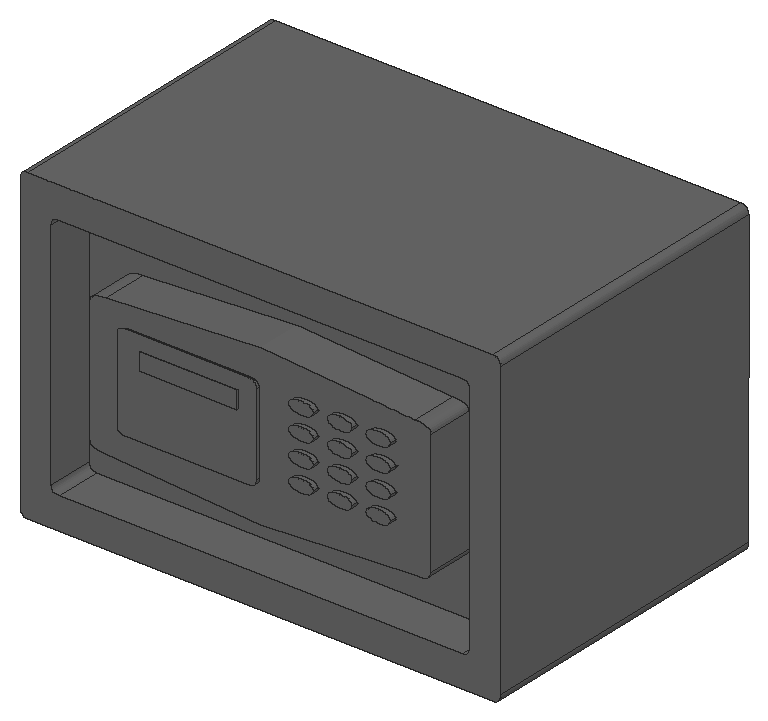
Revit family "DEHS0008", category Generic Models, Revit 2017
Family settings
  Can host rebar = No
  Round Connector Dimension = Use Diameter
  Part Type = Normal
  Work Plane-Based = No
  Always vertical = Yes
  Cut with Voids When Loaded = No
  Shared = No
  Room Calculation Point = No
Parameters
  Website = "https://dolphy.in/"  # constant formula
  Contact number = "+91 9520202035"  # constant formula
  Contact email = "info@dolphy.in"  # constant formula
  Company name = "Dolphy India"  # constant formula
Reference planes
  plane 1 "Center (Front/Back)": y = 0
  plane 2: z = 0
  plane 3 "Center (Left/Right)": x = 0
Forms (mm)
  Extrusion 1, solid, material "Cold Rolled steel"
    sketch origin (0, 0, 0) x (1, 0, 0) y (0, 0, 1)
      loop
        spline (-150, 200) -> (-150.799, 199.965) -> (-151.528, 199.861) -> (-152.187, 199.688) -> (-152.778, 199.444) -> (-153.299, 199.132) -> (-153.75, 198.75) -> (-154.132, 198.299) -> (-154.444, 197.778) -> (-154.688, 197.188) -> (-154.861, 196.528) -> (-154.965, 195.799) -> (-155, 195)
        line (-155, 195) -> (-155, 5)
        spline (-155, 5) -> (-154.965, 4.201) -> (-154.861, 3.472) -> (-154.688, 2.813) -> (-154.444, 2.222) -> (-154.132, 1.701) -> (-153.75, 1.25) -> (-153.299, 0.868) -> (-152.778, 0.556) -> (-152.188, 0.313) -> (-151.528, 0.139) -> (-150.799, 0.035) -> (-150, 0)
        line (-150, 0) -> (150, 0)
        spline (150, 0) -> (150.799, 0.035) -> (151.528, 0.139) -> (152.187, 0.313) -> (152.778, 0.556) -> (153.299, 0.868) -> (153.75, 1.25) -> (154.132, 1.701) -> (154.444, 2.222) -> (154.687, 2.813) -> (154.861, 3.472) -> (154.965, 4.201) -> (155, 5)
        line (155, 5) -> (155, 195)
        spline (155, 195) -> (154.965, 195.799) -> (154.861, 196.528) -> (154.688, 197.188) -> (154.444, 197.778) -> (154.132, 198.299) -> (153.75, 198.75) -> (153.299, 199.132) -> (152.778, 199.444) -> (152.188, 199.688) -> (151.528, 199.861) -> (150.799, 199.965) -> (150, 200)
        line (150, 200) -> (-150, 200)
    from 0 to 200
  Extrusion 2, void
    sketch origin (0, 0, 0) x (1, 0, 0) y (0, 0, 1)
      loop
        spline (-130, 180) -> (-130.799, 179.965) -> (-131.528, 179.861) -> (-132.188, 179.688) -> (-132.778, 179.444) -> (-133.299, 179.132) -> (-133.75, 178.75) -> (-134.132, 178.299) -> (-134.444, 177.778) -> (-134.688, 177.188) -> (-134.861, 176.528) -> (-134.965, 175.799) -> (-135, 175)
        line (-135, 175) -> (-135, 25)
        spline (-135, 25) -> (-134.965, 24.201) -> (-134.861, 23.472) -> (-134.688, 22.813) -> (-134.444, 22.222) -> (-134.132, 21.701) -> (-133.75, 21.25) -> (-133.299, 20.868) -> (-132.778, 20.556) -> (-132.188, 20.313) -> (-131.528, 20.139) -> (-130.799, 20.035) -> (-130, 20)
        line (-130, 20) -> (130, 20)
        spline (130, 20) -> (130.799, 20.035) -> (131.528, 20.139) -> (132.187, 20.313) -> (132.778, 20.556) -> (133.299, 20.868) -> (133.75, 21.25) -> (134.132, 21.701) -> (134.444, 22.222) -> (134.687, 22.813) -> (134.861, 23.472) -> (134.965, 24.201) -> (135, 25)
        line (135, 25) -> (135, 175)
        spline (135, 175) -> (134.965, 175.799) -> (134.861, 176.528) -> (134.688, 177.188) -> (134.444, 177.778) -> (134.132, 178.299) -> (133.75, 178.75) -> (133.299, 179.132) -> (132.778, 179.444) -> (132.188, 179.688) -> (131.528, 179.861) -> (130.799, 179.965) -> (130, 180)
        line (130, 180) -> (-130, 180)
    from 169.614 to 200
  Extrusion 3, solid, material "Cold Rolled steel"
    sketch origin (0, 0, 0) x (1, 0, 0) y (0, 0, 1)
      loop
        spline (100, 145) -> (83.333, 146.876) -> (66.667, 148.411) -> (50, 149.604) -> (33.333, 150.457) -> (16.667, 150.969) -> (0, 151.139) -> (-16.667, 150.969) -> (-33.333, 150.457) -> (-50, 149.604) -> (-66.667, 148.411) -> (-83.333, 146.876) -> (-100, 145)
        spline (-100, 145) -> (-101.597, 144.965) -> (-103.056, 144.861) -> (-104.375, 144.688) -> (-105.556, 144.444) -> (-106.597, 144.132) -> (-107.5, 143.75) -> (-108.264, 143.299) -> (-108.889, 142.778) -> (-109.375, 142.188) -> (-109.722, 141.528) -> (-109.931, 140.799) -> (-110, 140)
        line (-110, 140) -> (-110, 60)
        spline (-110, 60) -> (-109.931, 59.201) -> (-109.722, 58.472) -> (-109.375, 57.813) -> (-108.889, 57.222) -> (-108.264, 56.701) -> (-107.5, 56.25) -> (-106.597, 55.868) -> (-105.556, 55.556) -> (-104.375, 55.313) -> (-103.056, 55.139) -> (-101.597, 55.035) -> (-100, 55)
        spline (-100, 55) -> (-83.333, 53.124) -> (-66.667, 51.589) -> (-50, 50.396) -> (-33.333, 49.543) -> (-16.667, 49.031) -> (0, 48.861) -> (16.667, 49.031) -> (33.333, 49.543) -> (50, 50.396) -> (66.667, 51.589) -> (83.333, 53.124) -> (100, 55)
        spline (100, 55) -> (101.597, 55.035) -> (103.056, 55.139) -> (104.375, 55.313) -> (105.556, 55.556) -> (106.597, 55.868) -> (107.5, 56.25) -> (108.264, 56.701) -> (108.889, 57.222) -> (109.375, 57.813) -> (109.722, 58.472) -> (109.931, 59.201) -> (110, 60)
        line (110, 60) -> (110, 140)
        spline (110, 140) -> (109.931, 140.799) -> (109.722, 141.528) -> (109.375, 142.188) -> (108.889, 142.778) -> (108.264, 143.299) -> (107.5, 143.75) -> (106.597, 144.132) -> (105.556, 144.444) -> (104.375, 144.688) -> (103.056, 144.861) -> (101.597, 144.965) -> (100, 145)
    from 53.118 to 200
  Extrusion 4, solid, material "Cold Rolled steel"
    sketch origin (0, 0, 0) x (1, 0, 0) y (0, 0, 1)
      loop
        line (-91.194, 128.189) -> (-91.194, 75.231)
        spline (-91.194, 75.231) -> (-91.149, 74.516) -> (-91.012, 73.864) -> (-90.785, 73.273) -> (-90.467, 72.745) -> (-90.058, 72.279) -> (-89.559, 71.875) -> (-88.968, 71.534) -> (-88.287, 71.254) -> (-87.515, 71.037) -> (-86.651, 70.881) -> (-85.698, 70.788) -> (-84.653, 70.757)
        line (-84.653, 70.757) -> (-7.735, 70.757)
        spline (-7.735, 70.757) -> (-6.691, 70.788) -> (-5.737, 70.881) -> (-4.874, 71.037) -> (-4.101, 71.254) -> (-3.42, 71.534) -> (-2.829, 71.875) -> (-2.33, 72.279) -> (-1.921, 72.745) -> (-1.603, 73.273) -> (-1.376, 73.864) -> (-1.24, 74.516) -> (-1.194, 75.231)
        line (-1.194, 75.231) -> (-1.194, 128.189)
        spline (-1.194, 128.189) -> (-1.24, 128.903) -> (-1.376, 129.556) -> (-1.603, 130.146) -> (-1.921, 130.674) -> (-2.33, 131.14) -> (-2.829, 131.544) -> (-3.42, 131.886) -> (-4.101, 132.166) -> (-4.874, 132.383) -> (-5.737, 132.538) -> (-6.691, 132.632) -> (-7.735, 132.663)
        line (-7.735, 132.663) -> (-84.653, 132.663)
        spline (-84.653, 132.663) -> (-85.698, 132.632) -> (-86.651, 132.538) -> (-87.515, 132.383) -> (-88.287, 132.166) -> (-88.968, 131.886) -> (-89.559, 131.544) -> (-90.058, 131.14) -> (-90.467, 130.674) -> (-90.785, 130.146) -> (-91.012, 129.556) -> (-91.149, 128.903) -> (-91.194, 128.189)
    from 94.108 to 201.425
  Extrusion 5, solid, material "Cold Rolled steel"
    sketch origin (0, 0, 0) x (1, 0, 0) y (0, 0, 1)
      loop
        line (-76.303, 123.224) -> (-76.303, 112.017) -> (-13.466, 112.017) -> (-13.466, 123.224) -> (-76.303, 123.224)
    from 113.73 to 202.145
  Extrusion 6, solid, material "Cold Rolled steel"
    sketch origin (0, 0, 0) x (1, 0, 0) y (0, 0, 1)
      loop
        spline (36.969, 128.253) -> (36.476, 129.567) -> (35.566, 130.574) -> (34.315, 131.307) -> (32.795, 131.797) -> (31.083, 132.077) -> (29.251, 132.177) -> (27.379, 132.117) -> (25.566, 131.871) -> (23.916, 131.399) -> (22.53, 130.664) -> (21.514, 129.628) -> (20.969, 128.253)
        spline (20.969, 128.253) -> (21.514, 126.879) -> (22.53, 125.843) -> (23.916, 125.108) -> (25.566, 124.636) -> (27.379, 124.39) -> (29.251, 124.33) -> (31.083, 124.43) -> (32.795, 124.71) -> (34.315, 125.2) -> (35.566, 125.933) -> (36.476, 126.94) -> (36.969, 128.253)
    from 191.988 to 203.395
  Extrusion 7, solid, material "Cold Rolled steel"
    sketch origin (25, 0, 0) x (1, 0, 0) y (0, 0, 1)
      loop
        spline (36.969, 128.253) -> (36.476, 129.567) -> (35.566, 130.574) -> (34.315, 131.307) -> (32.795, 131.797) -> (31.083, 132.077) -> (29.251, 132.177) -> (27.379, 132.117) -> (25.566, 131.871) -> (23.916, 131.399) -> (22.53, 130.664) -> (21.514, 129.628) -> (20.969, 128.253)
        spline (20.969, 128.253) -> (21.514, 126.879) -> (22.53, 125.843) -> (23.916, 125.108) -> (25.566, 124.636) -> (27.379, 124.39) -> (29.251, 124.33) -> (31.083, 124.43) -> (32.795, 124.71) -> (34.315, 125.2) -> (35.566, 125.933) -> (36.476, 126.94) -> (36.969, 128.253)
    from 191.988 to 203.395
  Extrusion 8, solid, material "Cold Rolled steel"
    sketch origin (50, 0, 0) x (1, 0, 0) y (0, 0, 1)
      loop
        spline (36.969, 128.253) -> (36.476, 129.567) -> (35.566, 130.574) -> (34.315, 131.307) -> (32.795, 131.797) -> (31.083, 132.077) -> (29.251, 132.177) -> (27.379, 132.117) -> (25.566, 131.871) -> (23.916, 131.399) -> (22.53, 130.664) -> (21.514, 129.628) -> (20.969, 128.253)
        spline (20.969, 128.253) -> (21.514, 126.879) -> (22.53, 125.843) -> (23.916, 125.108) -> (25.566, 124.636) -> (27.379, 124.39) -> (29.251, 124.33) -> (31.083, 124.43) -> (32.795, 124.71) -> (34.315, 125.2) -> (35.566, 125.933) -> (36.476, 126.94) -> (36.969, 128.253)
    from 191.988 to 203.395
  Extrusion 9, solid, material "Cold Rolled steel"
    sketch origin (0, 0, -15) x (1, 0, 0) y (0, 0, 1)
      loop
        spline (36.969, 128.253) -> (36.476, 129.567) -> (35.566, 130.574) -> (34.315, 131.307) -> (32.795, 131.797) -> (31.083, 132.077) -> (29.251, 132.177) -> (27.379, 132.117) -> (25.566, 131.871) -> (23.916, 131.399) -> (22.53, 130.664) -> (21.514, 129.628) -> (20.969, 128.253)
        spline (20.969, 128.253) -> (21.514, 126.879) -> (22.53, 125.843) -> (23.916, 125.108) -> (25.566, 124.636) -> (27.379, 124.39) -> (29.251, 124.33) -> (31.083, 124.43) -> (32.795, 124.71) -> (34.315, 125.2) -> (35.566, 125.933) -> (36.476, 126.94) -> (36.969, 128.253)
    from 191.988 to 203.395
  Extrusion 10, solid, material "Cold Rolled steel"
    sketch origin (25, 0, -15) x (1, 0, 0) y (0, 0, 1)
      loop
        spline (36.969, 128.253) -> (36.476, 129.567) -> (35.566, 130.574) -> (34.315, 131.307) -> (32.795, 131.797) -> (31.083, 132.077) -> (29.251, 132.177) -> (27.379, 132.117) -> (25.566, 131.871) -> (23.916, 131.399) -> (22.53, 130.664) -> (21.514, 129.628) -> (20.969, 128.253)
        spline (20.969, 128.253) -> (21.514, 126.879) -> (22.53, 125.843) -> (23.916, 125.108) -> (25.566, 124.636) -> (27.379, 124.39) -> (29.251, 124.33) -> (31.083, 124.43) -> (32.795, 124.71) -> (34.315, 125.2) -> (35.566, 125.933) -> (36.476, 126.94) -> (36.969, 128.253)
    from 191.988 to 203.395
  Extrusion 11, solid, material "Cold Rolled steel"
    sketch origin (50, 0, -15) x (1, 0, 0) y (0, 0, 1)
      loop
        spline (36.969, 128.253) -> (36.476, 129.567) -> (35.566, 130.574) -> (34.315, 131.307) -> (32.795, 131.797) -> (31.083, 132.077) -> (29.251, 132.177) -> (27.379, 132.117) -> (25.566, 131.871) -> (23.916, 131.399) -> (22.53, 130.664) -> (21.514, 129.628) -> (20.969, 128.253)
        spline (20.969, 128.253) -> (21.514, 126.879) -> (22.53, 125.843) -> (23.916, 125.108) -> (25.566, 124.636) -> (27.379, 124.39) -> (29.251, 124.33) -> (31.083, 124.43) -> (32.795, 124.71) -> (34.315, 125.2) -> (35.566, 125.933) -> (36.476, 126.94) -> (36.969, 128.253)
    from 191.988 to 203.395
  Extrusion 12, solid, material "Cold Rolled steel"
    sketch origin (0, 0, -30) x (1, 0, 0) y (0, 0, 1)
      loop
        spline (36.969, 128.253) -> (36.476, 129.567) -> (35.566, 130.574) -> (34.315, 131.307) -> (32.795, 131.797) -> (31.083, 132.077) -> (29.251, 132.177) -> (27.379, 132.117) -> (25.566, 131.871) -> (23.916, 131.399) -> (22.53, 130.664) -> (21.514, 129.628) -> (20.969, 128.253)
        spline (20.969, 128.253) -> (21.514, 126.879) -> (22.53, 125.843) -> (23.916, 125.108) -> (25.566, 124.636) -> (27.379, 124.39) -> (29.251, 124.33) -> (31.083, 124.43) -> (32.795, 124.71) -> (34.315, 125.2) -> (35.566, 125.933) -> (36.476, 126.94) -> (36.969, 128.253)
    from 191.988 to 203.395
  Extrusion 13, solid, material "Cold Rolled steel"
    sketch origin (25, 0, -30) x (1, 0, 0) y (0, 0, 1)
      loop
        spline (36.969, 128.253) -> (36.476, 129.567) -> (35.566, 130.574) -> (34.315, 131.307) -> (32.795, 131.797) -> (31.083, 132.077) -> (29.251, 132.177) -> (27.379, 132.117) -> (25.566, 131.871) -> (23.916, 131.399) -> (22.53, 130.664) -> (21.514, 129.628) -> (20.969, 128.253)
        spline (20.969, 128.253) -> (21.514, 126.879) -> (22.53, 125.843) -> (23.916, 125.108) -> (25.566, 124.636) -> (27.379, 124.39) -> (29.251, 124.33) -> (31.083, 124.43) -> (32.795, 124.71) -> (34.315, 125.2) -> (35.566, 125.933) -> (36.476, 126.94) -> (36.969, 128.253)
    from 191.988 to 203.395
  Extrusion 14, solid, material "Cold Rolled steel"
    sketch origin (50, 0, -30) x (1, 0, 0) y (0, 0, 1)
      loop
        spline (36.969, 128.253) -> (36.476, 129.567) -> (35.566, 130.574) -> (34.315, 131.307) -> (32.795, 131.797) -> (31.083, 132.077) -> (29.251, 132.177) -> (27.379, 132.117) -> (25.566, 131.871) -> (23.916, 131.399) -> (22.53, 130.664) -> (21.514, 129.628) -> (20.969, 128.253)
        spline (20.969, 128.253) -> (21.514, 126.879) -> (22.53, 125.843) -> (23.916, 125.108) -> (25.566, 124.636) -> (27.379, 124.39) -> (29.251, 124.33) -> (31.083, 124.43) -> (32.795, 124.71) -> (34.315, 125.2) -> (35.566, 125.933) -> (36.476, 126.94) -> (36.969, 128.253)
    from 191.988 to 203.395
  Extrusion 15, solid, material "Cold Rolled steel"
    sketch origin (0, 0, -45) x (1, 0, 0) y (0, 0, 1)
      loop
        spline (36.969, 128.253) -> (36.476, 129.567) -> (35.566, 130.574) -> (34.315, 131.307) -> (32.795, 131.797) -> (31.083, 132.077) -> (29.251, 132.177) -> (27.379, 132.117) -> (25.566, 131.871) -> (23.916, 131.399) -> (22.53, 130.664) -> (21.514, 129.628) -> (20.969, 128.253)
        spline (20.969, 128.253) -> (21.514, 126.879) -> (22.53, 125.843) -> (23.916, 125.108) -> (25.566, 124.636) -> (27.379, 124.39) -> (29.251, 124.33) -> (31.083, 124.43) -> (32.795, 124.71) -> (34.315, 125.2) -> (35.566, 125.933) -> (36.476, 126.94) -> (36.969, 128.253)
    from 191.988 to 203.395
  Extrusion 16, solid, material "Cold Rolled steel"
    sketch origin (25, 0, -45) x (1, 0, 0) y (0, 0, 1)
      loop
        spline (36.969, 128.253) -> (36.476, 129.567) -> (35.566, 130.574) -> (34.315, 131.307) -> (32.795, 131.797) -> (31.083, 132.077) -> (29.251, 132.177) -> (27.379, 132.117) -> (25.566, 131.871) -> (23.916, 131.399) -> (22.53, 130.664) -> (21.514, 129.628) -> (20.969, 128.253)
        spline (20.969, 128.253) -> (21.514, 126.879) -> (22.53, 125.843) -> (23.916, 125.108) -> (25.566, 124.636) -> (27.379, 124.39) -> (29.251, 124.33) -> (31.083, 124.43) -> (32.795, 124.71) -> (34.315, 125.2) -> (35.566, 125.933) -> (36.476, 126.94) -> (36.969, 128.253)
    from 191.988 to 203.395
  Extrusion 17, solid, material "Cold Rolled steel"
    sketch origin (50, 0, -45) x (1, 0, 0) y (0, 0, 1)
      loop
        spline (36.969, 128.253) -> (36.476, 129.567) -> (35.566, 130.574) -> (34.315, 131.307) -> (32.795, 131.797) -> (31.083, 132.077) -> (29.251, 132.177) -> (27.379, 132.117) -> (25.566, 131.871) -> (23.916, 131.399) -> (22.53, 130.664) -> (21.514, 129.628) -> (20.969, 128.253)
        spline (20.969, 128.253) -> (21.514, 126.879) -> (22.53, 125.843) -> (23.916, 125.108) -> (25.566, 124.636) -> (27.379, 124.39) -> (29.251, 124.33) -> (31.083, 124.43) -> (32.795, 124.71) -> (34.315, 125.2) -> (35.566, 125.933) -> (36.476, 126.94) -> (36.969, 128.253)
    from 191.988 to 203.395
Cuts and joins
  Extrusion 2 cuts Extrusion 1
Dimensions and locks
  cut or joined group of Extrusion 1, Extrusion 2 to cut or joined group of Extrusion 1, Extrusion 2 = 200 mm  (x3)
  cut or joined group of Extrusion 1, Extrusion 2 to cut or joined group of Extrusion 1, Extrusion 2 = 310 mm
  aligned and locked: level to plane 2
